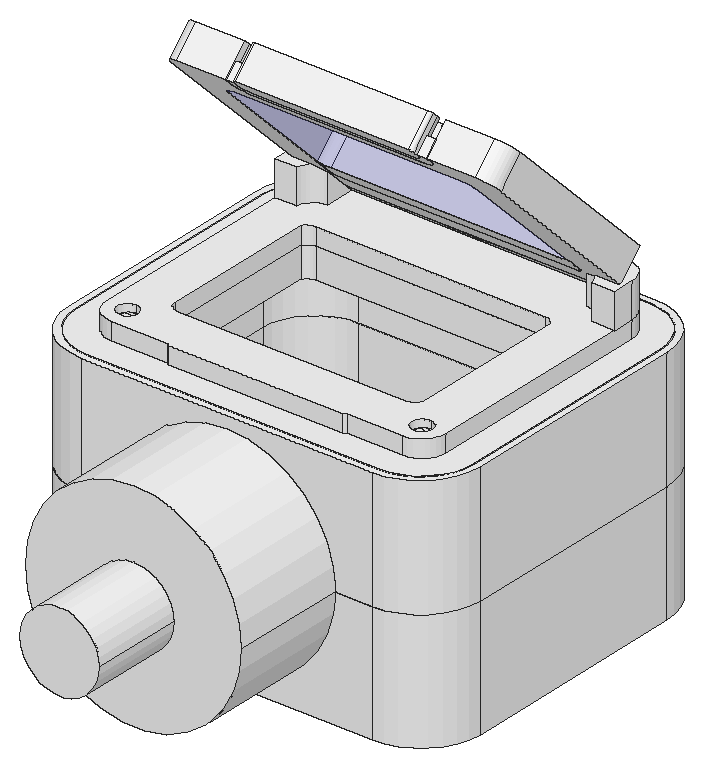
Revit family "Domotics-DomesticRanges-GEWISS-27COMBI_SYSTEM-IP55_FIXING_POST_HEAD", category Apparecchi elettrici, host Superficie, Revit 2016 (continued)
Definition of nested family "SYSTEM CONTENITORI IP55 3P TESTAPALO_BASE"
  Automatic sketch dimensions
    curve 267 to curve 259 = 5.7 mm
    curve 259 to curve 319 = 1.5 mm
    curve 259 to curve 255 = 2 mm
    curve 319 to curve 307 = 8.437 mm
    curve 314 to curve 308 = 0 mm
    curve 314 to curve 286 = 4.575 mm
    curve 307 to curve 296 = 5 mm
    curve 286 to curve 237 = 4.425 mm
    curve 237 to curve 238 = 0.029 mm
    curve 235 to curve 257 = 0.263 mm
    curve 238 to curve 247 = 0.235 mm
    curve 235 to curve 294 = 0.5 mm
    curve 294 to curve 297 = 0.263 mm
    curve 247 to curve 288 = 0.5 mm
    curve 294 to curve 292 = 3.7 mm
    curve 230 to curve 238 = 3.567 mm
    curve 285 to curve 284 = 2.9 mm
    curve 280 to curve 284 = 2.901 mm
    curve 282 to curve 281 = 2 mm
    curve 289 to curve 288 = 1.728 mm
    curve 290 to curve 288 = 1.276 mm
    curve 283 to curve 249 = 1.05 mm
    curve 241 to curve 232 = 1.067 mm
    curve 281 to curve 283 = 0.55 mm
    curve 237 to curve 290 = 0.607 mm
    curve 288 to curve 289 = 1.728 mm
    curve 232 to curve 282 = 1.331 mm
    curve 283 to curve 279 = 2.705 mm
    curve 290 to curve 286 = 1.176 mm
    curve 313 to curve 312 = 3 mm
    curve 282 to curve 278 = 4.833 mm
    curve 278 to curve 277 = 0.169 mm
    curve 277 to curve 278 = 0.029 mm
    curve 286 to curve 286 = 0.325 mm
    curve 286 to curve 291 = 0.15 mm
    curve 291 to curve 287 = 0.032 mm
    curve 308 to curve 308 = 3.5 mm
    curve 308 to curve 308 = 1.697 mm
    curve 310 to curve 311 = 1.697 mm
    curve 309 to curve 308 = 0.5 mm
    curve 302 to curve 304 = 0.5 mm
    curve 304 to curve 301 = 2.5 mm
    curve 273 to curve 272 = 1 mm
    curve 293 to curve 257 = 2.831 mm
    curve 293 to curve 298 = 1.331 mm
    curve 319 to curve 319 = 4.5 mm
    curve 271 to curve 275 = 1.701 mm
    curve 244 to curve 235 = 1.102 mm
    curve 276 to curve 251 = 0.821 mm
    curve 299 to curve 297 = 0.55 mm
    curve 241 to curve 242 = 0 mm  (x2)
    curve 235 to curve 299 = 0.881 mm
    curve 271 to curve 276 = 1.152 mm
    curve 274 to curve 275 = 1.631 mm
    curve 294 to curve 298 = 1.831 mm
    curve 296 to curve 296 = 1 mm
    curve 269 to curve 268 = 1 mm
    curve 319 to curve 300 = 2.012 mm
    curve 300 to curve 320 = 1.631 mm
    curve 268 to curve 316 = 1.631 mm
    curve 252 to curve 254 = 0.492 mm
    curve 242 to curve 234 = 3.65 mm
    curve 321 to curve 321 = 34.033 mm
    curve 323 to curve 323 = 26.967 mm
    curve 278 to curve 277 = 1.537 mm
    curve 283 to curve 281 = 2.1 mm
    curve 276 to curve 271 = 1.459 mm
    curve 275 to curve 271 = 1.019 mm
    curve 282 to curve 281 = 0.55 mm
    curve 232 to curve 282 = 0.313 mm
    curve 274 to curve 275 = 1.282 mm
    curve 251 to curve 276 = 1.223 mm
    curve 249 to curve 283 = 1.6 mm
    curve 304 to curve 302 = 1.15 mm
    curve 233 to curve 321 = 10.882 mm
    curve 262 to curve 252 = 0.138 mm
    curve 321 to curve 323 = 20.029 mm
    curve 323 to curve 325 = 23.179 mm
    curve 256 to curve 255 = 0.138 mm
    curve 325 to curve 326 = 20.029 mm
    curve 307 to curve 315 = 1.15 mm
    curve 299 to curve 235 = 1.337 mm
    curve 290 to curve 237 = 0.872 mm
    curve 289 to curve 288 = 1.314 mm
    curve 298 to curve 294 = 0.287 mm
    curve 294 to curve 298 = 0.813 mm
    curve 288 to curve 289 = 1.314 mm
    curve 288 to curve 290 = 1.636 mm
    curve 297 to curve 299 = 2.1 mm
    curve 291 to curve 287 = 2.063 mm
    curve 128 to curve 137 = 0 mm  (x3)
    curve 130 to curve 139 = 0 mm  (x3)
    curve 173 to curve 182 = 8.374 mm
    curve 176 to curve 183 = 0 mm
    curve 176 to curve 144 = 0.5 mm
    curve 183 to curve 142 = 0.5 mm
    curve 142 to curve 133 = 0.012 mm
    curve 144 to curve 135 = 0.127 mm
    curve 135 to curve 127 = 0.042 mm
    curve 133 to curve 132 = 0.157 mm
    curve 132 to curve 209 = 6.831 mm
    curve 207 to curve 174 = 0.152 mm
    curve 209 to curve 181 = 0.152 mm
    curve 209 to curve 203 = 8 mm
    curve 206 to curve 197 = 44 mm
    curve 197 to curve 168 = 5.169 mm
    curve 146 to curve 137 = 0.169 mm
    curve 152 to curve 139 = 0.169 mm
    curve 128 to curve 169 = 0.331 mm
    curve 152 to curve 192 = 0.5 mm
    curve 192 to curve 189 = 0.169 mm
    curve 169 to curve 166 = 0.169 mm
    curve 166 to curve 212 = 2.688 mm
    curve 189 to curve 214 = 2.688 mm
    curve 214 to curve 154 = 0.977 mm
    curve 212 to curve 156 = 0.977 mm
    curve 156 to curve 158 = 0.457 mm
    curve 158 to curve 160 = 0 mm
    curve 160 to curve 161 = 0 mm
    curve 154 to curve 162 = 0.457 mm
    curve 158 to curve 159 = 0 mm
    curve 148 to curve 179 = 718.664 mm
    curve 173 to curve 168 = 5.315 mm
    curve 166 to curve 169 = 0.263 mm
    curve 169 to curve 137 = 0.237 mm
    curve 176 to curve 127 = 0.237 mm
    curve 127 to curve 135 = 0.004 mm
    curve 135 to curve 144 = 0.259 mm
    curve 128 to curve 146 = 0.263 mm
    curve 146 to curve 164 = 3.737 mm
    curve 144 to curve 174 = 4.689 mm
    curve 174 to curve 206 = 4.048 mm
    curve 174 to curve 207 = 4.048 mm
    curve 164 to curve 148 = 13.463 mm
    curve 148 to curve 212 = 0.5 mm
    curve 212 to curve 156 = 1.5 mm
    curve 156 to curve 158 = 5.7 mm
    curve 158 to curve 159 = 8.8 mm
    curve 128 to curve 179 = 42.67 mm
    curve 159 to curve 160 = 8.8 mm
    curve 160 to curve 161 = 8.8 mm
    curve 161 to curve 162 = 8.8 mm
    curve 162 to curve 154 = 5.7 mm
    curve 154 to curve 214 = 1.5 mm
    curve 154 to curve 150 = 2 mm
    curve 214 to curve 202 = 8.437 mm
    curve 209 to curve 203 = 0 mm
    curve 209 to curve 181 = 4.575 mm
    curve 202 to curve 191 = 5 mm
    curve 181 to curve 132 = 4.425 mm
    curve 132 to curve 133 = 0.029 mm
    curve 130 to curve 152 = 0.263 mm
    curve 133 to curve 142 = 0.235 mm
    curve 130 to curve 189 = 0.5 mm
    curve 189 to curve 192 = 0.263 mm
    curve 142 to curve 183 = 0.5 mm
    curve 189 to curve 187 = 3.7 mm
    curve 125 to curve 133 = 3.567 mm
    curve 180 to curve 179 = 2.9 mm
    curve 175 to curve 179 = 2.901 mm
    curve 177 to curve 176 = 2 mm
    curve 184 to curve 183 = 1.728 mm
    curve 185 to curve 183 = 1.276 mm
    curve 178 to curve 144 = 1.05 mm
    curve 136 to curve 127 = 1.067 mm
    curve 176 to curve 178 = 0.55 mm
    curve 132 to curve 185 = 0.607 mm
    curve 183 to curve 184 = 1.728 mm
    curve 127 to curve 177 = 1.331 mm
    curve 178 to curve 174 = 2.705 mm
    curve 185 to curve 181 = 1.176 mm
    curve 208 to curve 207 = 3 mm
    curve 177 to curve 173 = 4.833 mm
    curve 173 to curve 172 = 0.169 mm
    curve 172 to curve 173 = 0.029 mm
    curve 181 to curve 181 = 0.325 mm
    curve 181 to curve 186 = 0.15 mm
    curve 186 to curve 182 = 0.032 mm
    curve 203 to curve 203 = 3.5 mm
    curve 203 to curve 203 = 1.697 mm
    curve 205 to curve 206 = 1.697 mm
    curve 204 to curve 203 = 0.5 mm
    curve 197 to curve 199 = 0.5 mm
    curve 199 to curve 196 = 2.5 mm
    curve 168 to curve 167 = 1 mm
    curve 188 to curve 152 = 2.831 mm
    curve 188 to curve 193 = 1.331 mm
    curve 214 to curve 214 = 4.5 mm
    curve 166 to curve 170 = 1.701 mm
    curve 139 to curve 130 = 1.102 mm
    curve 171 to curve 146 = 0.821 mm
    curve 194 to curve 192 = 0.55 mm
    curve 136 to curve 137 = 0 mm  (x2)
    curve 130 to curve 194 = 0.881 mm
    curve 166 to curve 171 = 1.152 mm
    curve 169 to curve 170 = 1.631 mm
    curve 189 to curve 193 = 1.831 mm
    curve 191 to curve 191 = 1 mm
    curve 164 to curve 163 = 1 mm
    curve 214 to curve 195 = 2.012 mm
    curve 195 to curve 215 = 1.631 mm
    curve 163 to curve 211 = 1.631 mm
    curve 147 to curve 149 = 0.492 mm
    curve 137 to curve 129 = 3.65 mm
    curve 224 to curve 224 = 34.033 mm
    curve 226 to curve 226 = 26.967 mm
    curve 173 to curve 172 = 1.537 mm
    curve 178 to curve 176 = 2.1 mm
    curve 171 to curve 166 = 1.459 mm
    curve 170 to curve 166 = 1.019 mm
    curve 177 to curve 176 = 0.55 mm
    curve 127 to curve 177 = 0.313 mm
    curve 169 to curve 170 = 1.282 mm
    curve 146 to curve 171 = 1.223 mm
    curve 144 to curve 178 = 1.6 mm
    curve 199 to curve 197 = 1.15 mm
    curve 128 to curve 224 = 10.882 mm
    curve 157 to curve 147 = 0.138 mm
    curve 224 to curve 226 = 20.029 mm
    curve 226 to curve 228 = 23.179 mm
    curve 151 to curve 150 = 0.138 mm
    curve 228 to curve 229 = 20.029 mm
    curve 202 to curve 210 = 1.15 mm
    curve 194 to curve 130 = 1.337 mm
    curve 185 to curve 132 = 0.872 mm
    curve 184 to curve 183 = 1.314 mm
    curve 193 to curve 189 = 0.287 mm
    curve 189 to curve 193 = 0.813 mm
    curve 183 to curve 184 = 1.314 mm
    curve 183 to curve 185 = 1.636 mm
    curve 192 to curve 194 = 2.1 mm
    curve 186 to curve 182 = 2.063 mm
    plane 4 to Extrusion 5 sketch curve = 7.985 mm
    plane 6 to Extrusion 5 sketch curve = 161.894 mm
    plane 10 "1" to Extrusion 6 sketch curve = 4.5 mm
    plane 4 to Extrusion 6 sketch curve = 23.5 mm
    plane 7 to Extrusion 14 sketch curve = 16.335 mm
    Extrusion 14 sketch curve to plane 3 "Centro (Sinistra/Destra)" = 26.037 mm
    plane 7 to Extrusion 18 sketch curve = 18.812 mm
    Extrusion 18 sketch curve to plane 3 "Centro (Sinistra/Destra)" = 29.037 mm
    plane 4 to Extrusion 26 sketch curve = 7.985 mm
    Extrusion 27 sketch curve to plane 5 = 26.5 mm
    plane 3 "Centro (Sinistra/Destra)" to Extrusion 29 sketch curve = 23.563 mm
    Extrusion 32 sketch curve to plane 3 "Centro (Sinistra/Destra)" = 24.537 mm
    radius of Extrusion 4 sketch curve = 3 mm  (x4)
    radius of Extrusion 9 sketch curve = 3 mm
    radius of Extrusion 11 sketch curve = 3 mm
    radius of Extrusion 12 sketch curve = 3 mm
    radius of Extrusion 43 sketch curve = 31.6 mm
    radius of Extrusion 44 sketch curve = 11.6 mm
    radius of curve 263 = 1 mm
    radius of curve 264 = 1 mm
    radius of curve 265 = 1 mm
    radius of curve 266 = 1 mm
    radius of curve 267 = 1 mm
    radius of curve 274 = 3 mm
    radius of curve 281 = 3 mm
    radius of curve 288 = 3 mm
    radius of curve 297 = 3 mm
    radius of curve 158 = 1 mm
    radius of curve 159 = 1 mm
    radius of curve 160 = 1 mm
    radius of curve 161 = 1 mm
    radius of curve 162 = 1 mm
    radius of curve 169 = 3 mm
    radius of curve 176 = 3 mm
    radius of curve 183 = 3 mm
    radius of curve 192 = 3 mm
